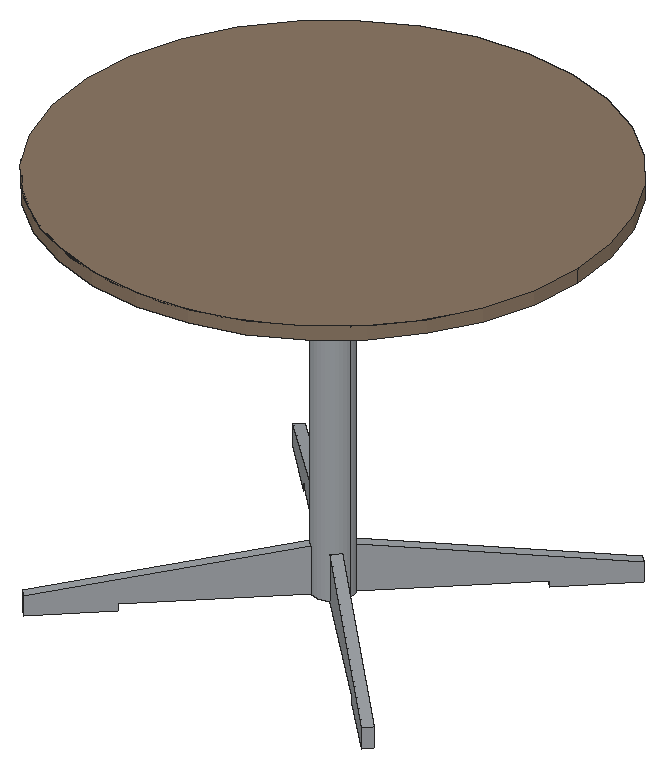
Revit family
Parameters
  URL = "http://www.martinbrattrud.com"
  Table Top [instance] = none
  SCS Certified Product = "Yes"
  Model = "Kurve 481-20CL"
  Manufacturer = "Martin Brattrud, Inc."
  Leg [instance] = none
  Keynote = "125000"
  Copyright = "© 2013 Martin Brattrud, Inc."
  Authoring Version = "Revit Architecture 2010"
  Assembly Code = "E2020200"
Reference planes (in)
  plane 1: z = 0
  plane 2 "Center Left/Right": x = 0
  plane 3: y = 0.07212
Forms (in)
  Extrusion 1, solid, material <- "Leg"
    sketch origin (0, 0, 0) x (1, 0, 0) y (0, 1, 0)
      loop
        circle (0, 0) r 0.75
    from 0.25 to 14.625
  Revolve 2, solid, material <- "Leg"
    sketch origin (0, 0, 0) x (0, 1, 0) y (0, 0, 1)
      loop
        line (3, 15) -> (0, 15) -> (0, 14.625) -> (2.75, 14.625) -> (3, 15)
      axis (0, 14.625) -> (0, 15)
    angle from 0 to 360
  Extrusion 3, solid, material <- "Leg"
    sketch origin (0.03606, -0.01494, 0) x (-0.707107, 0.707107, 0) y (0, 0, 1)
      loop
        line (10, 0) -> (10, 0.75) -> (0.75, 1.99519) -> (0.75, 0.25) -> (7, 0.25) -> (7, 0) -> (10, 0)
      loop
        line (-9.89801, 0) -> (-6.89801, 0) -> (-6.89801, 0.25) -> (-0.64801, 0.25) -> (-0.64801, 1.99519) -> (-9.89801, 0.75) -> (-9.89801, 0)
    from -0.1875 to 0.1875
  Extrusion 4, solid, material <- "Leg"
    sketch origin (0.03606, 0.05718, 0) x (-0.707107, -0.707107, 0) y (0, 0, 1)
      loop
        line (10, 0) -> (10, 0.75) -> (0.75, 1.99519) -> (0.75, 0.25) -> (7, 0.25) -> (7, 0) -> (10, 0)
      loop
        line (-9.89801, 0) -> (-6.89801, 0) -> (-6.89801, 0.25) -> (-0.64801, 0.25) -> (-0.64801, 1.99519) -> (-9.89801, 0.75) -> (-9.89801, 0)
    from -0.1875 to 0.1875
  Extrusion 5, solid, material <- "Table Top"
    sketch origin (0, 0, 0) x (1, 0, 0) y (0, 1, 0)
      loop
        circle (0, 0) r 10
    from 15 to 15.5
